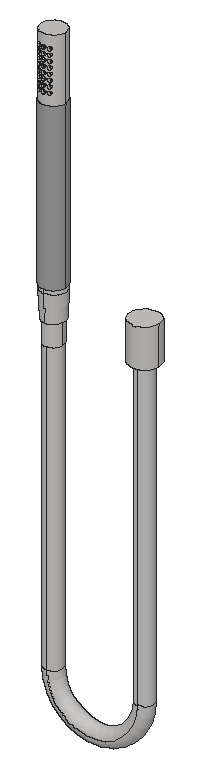
Revit family "T2", category Generic Models, Revit 2021
Family settings
  Can host rebar = No
  Round Connector Dimension = Use Diameter
  Part Type = Normal
  Work Plane-Based = No
  Always vertical = Yes
  Cut with Voids When Loaded = No
  Shared = No
  Room Calculation Point = No
Parameters (values of type "Standard")
  e-mail = "info@vola.com"
  URL = "http://vola.com"
  Telephone = "+45 7023 5500"
  Quality management standard = "ISO 9001"
  Organisation no. / DUNS no. = "17531328"
  Occupational health and safety management standard = "ISO 18001"
  Mounting Instructions = "http://vola.com/service/producturl.ashx?name=T2"
  Model = "T2"
  Materials and components information = "http://vola.com/service/producturl.ashx?name=T2"
  Manufacturer = "VOLA A/S"
  Maintenance Instructions = "http://vola.com/service/producturl.ashx?name=T2"
  Guarantee = "2 years"
  Environmental management standard = "ISO 14000"
  Default Elevation = 0.00 mm
  Connection - All relevant connections = ""
  Approvals = "http://vola.com/service/producturl.ashx?name=T2"
Reference planes
  plane 1 "Center (Front/Back)": y = 0
  plane 2: z = 0
  plane 3 "Center (Left/Right)": x = 0
Forms (mm)
  Sweep 1, solid, material "Stainless Steel"
    path origin (-60.5, 0, 1219.2) x (-1, 0, 0) y (0, 0, 1)
      loop
        line (11.5, -1260.95) -> (11.5, -1489.7)
        arc (11.5, -1489.7) -> (-24.5, -1525.7) -> (-60.5, -1489.7) r 36
        line (-60.5, -1489.7) -> (-60.5, -1249.2)
    profile origin (-72, 0, -156.125) x (0, 1, 0) y (-1, 0, 0)
      loop
        circle (0, 0) r 7
  Extrusion 2, solid, material "Stainless Steel"
    sketch origin (-38, 48, 130) x (1, 0, 0) y (0, 1, 0)
      loop
        circle (-34, -48) r 9.5
    from 0 to 50
  Extrusion 3, solid, material "Stainless Steel"
    sketch origin (-72, -10.2, 1241.7) x (1, 0, 0) y (0, 0, 1)
      loop
        circle (0, -1071) r 1.225
      loop
        circle (0, -1075.5) r 1.225
      loop
        circle (0, -1080) r 1.225
      loop
        circle (0, -1084.5) r 1.225
      loop
        circle (0, -1089) r 1.225
      loop
        circle (0, -1093.5) r 1.225
      loop
        circle (0, -1098) r 1.225
      loop
        circle (0, -1102.5) r 1.225
    from 0 to -2
  Extrusion 4, solid, material "Grey Coating"
    sketch origin (-38, 48, 22.5) x (1, 0, 0) y (0, 1, 0)
      loop
        circle (-34, -48) r 10
    from -22.5 to 107.5
  Extrusion 5, solid, material "Stainless Steel"
    sketch origin (-34, 48, -30) x (-1, 0, 0) y (0, -1, 0)
      loop
        circle (-34, 48) r 11.5
    from 0 to 30
  Extrusion 6, solid, material "Stainless Steel"
    sketch origin (-38, 48, 0) x (0, 1, 0) y (1, 0, 0)
      loop
        circle (-48, -34) r 9.65
    from 0 to 3.5
  Blend 7, solid, material "Stainless Steel"
    base sketch origin (-38, 48, -3.5) x (-1, 0, 0) y (0, -1, 0)
      loop
        circle (34, 48) r 9.65
    top sketch origin (-38, 48, -3.5) x (-1, 0, 0) y (0, -1, 0)
      loop
        circle (34, 48) r 8.75
    from 0 to -21
  Extrusion 8, solid, material "Stainless Steel"
    sketch origin (-67.71, -9.18, 1241.7) x (0.984488, 0.175453, 0) y (0, 0, 1)
      loop
        circle (0, -1071) r 1.225
      loop
        circle (0, -1075.5) r 1.225
      loop
        circle (0, -1080) r 1.225
      loop
        circle (0, -1084.5) r 1.225
      loop
        circle (0, -1089) r 1.225
      loop
        circle (0, -1093.5) r 1.225
      loop
        circle (0, -1098) r 1.225
      loop
        circle (0, -1102.5) r 1.225
    from 0 to -2
  Extrusion 9, solid, material "Stainless Steel"
    sketch origin (-76.29, -9.18, 1241.7) x (-0.984488, 0.175453, 0) y (0, 0, -1)
      loop
        circle (0, 1071) r 1.225
      loop
        circle (0, 1075.5) r 1.225
      loop
        circle (0, 1080) r 1.225
      loop
        circle (0, 1084.5) r 1.225
      loop
        circle (0, 1089) r 1.225
      loop
        circle (0, 1093.5) r 1.225
      loop
        circle (0, 1098) r 1.225
      loop
        circle (0, 1102.5) r 1.225
    from 0 to -2
  Extrusion 10, solid, material "Stainless Steel"
    sketch origin (-38, 48, -24.5) x (0, -1, 0) y (-1, 0, 0)
      loop
        circle (48, 34) r 7.5
    from 0 to 17.25
Cuts and joins
  joined: Extrusion 2, Extrusion 3, Extrusion 8, Extrusion 9
Dimensions and locks
  aligned and locked: plane 2 to level
